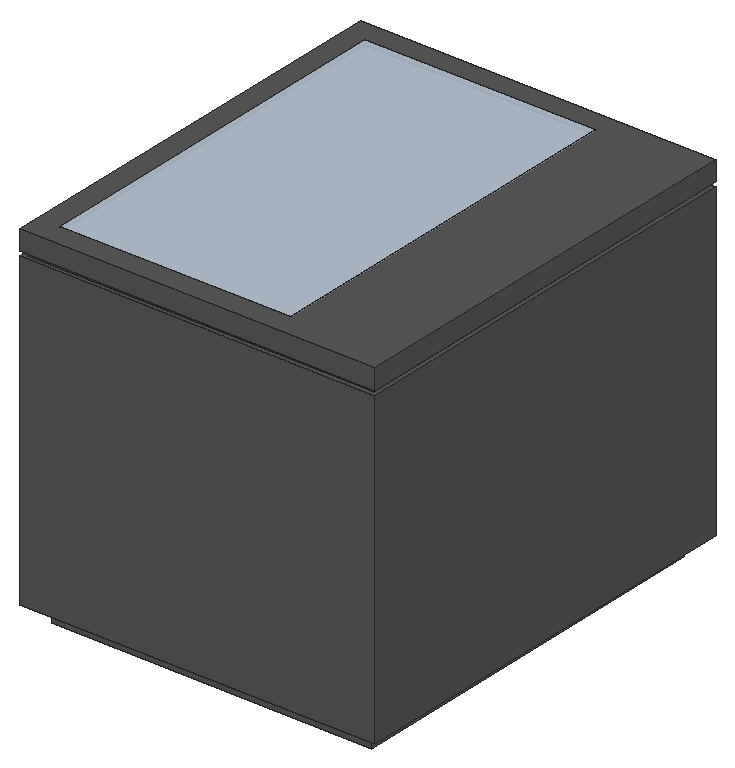
Revit family
Parameters
  URL = "http://www.martinbrattrud.com"
  Table Glass [instance] = none
  Table [instance] = none
  SCS Certified Product = "Yes"
  Model = "Manele 2003-03RV"
  Manufacturer = "Martin Brattrud, Inc."
  Keynote = "125000"
  Copyright = "© 2013 Martin Brattrud, Inc."
  Chair White = none
  Authoring Version = "Revit Architecture 2010"
  Assembly Code = "E2020200"
Reference planes (in)
  plane 1: z = 0
Forms (in)
  Extrusion 1, solid, material <- "Table"
    sketch origin (0, 0, 0) x (1, 0, 0) y (0, 1, 0)
      loop
        line (-9, 11) -> (-9, -11) -> (9, -11) -> (9, 11) -> (-9, 11)
    from 0 to 1
  Extrusion 2, solid, material <- "Table"
    sketch origin (0, 0, 0) x (1, 0, 0) y (0, 1, 0)
      loop
        line (-10, 12) -> (-10, -12) -> (10, -12) -> (10, 12) -> (-10, 12)
    from 1 to 18.62
  Extrusion 3, solid, material <- "Table"
    sketch origin (0, 0, 0) x (1, 0, 0) y (0, 1, 0)
      loop
        line (-10, 12) -> (-10, -12) -> (10, -12) -> (10, 12) -> (-10, 12)
    from 18.87 to 20
  Extrusion 4, solid, material <- "Table"
    sketch origin (0, 0, 0) x (1, 0, 0) y (0, 1, 0)
      loop
        line (9.75, -11.75) -> (9.75, 11.75) -> (-9.75, 11.75) -> (-9.75, -11.75) -> (9.75, -11.75)
    from 18.62 to 18.87
  Extrusion 5, void
    sketch origin (0, 0, 0) x (1, 0, 0) y (0, 1, 0)
      loop
        line (-8.75, 10.75) -> (-8.75, -10.75) -> (4.25, -10.75) -> (4.25, 10.75) -> (-8.75, 10.75)
    from 19.75 to 20
  Extrusion 6, solid, material <- "Table Glass"
    sketch origin (0, 0, 0) x (1, 0, 0) y (0, 1, 0)
      loop
        line (4.25, 10.75) -> (-8.75, 10.75) -> (-8.75, -10.75) -> (4.25, -10.75) -> (4.25, 10.75)
    from 19.75 to 20
Cuts and joins
  Extrusion 5 cuts Extrusion 1
  Extrusion 5 cuts Extrusion 2
  Extrusion 5 cuts Extrusion 3
